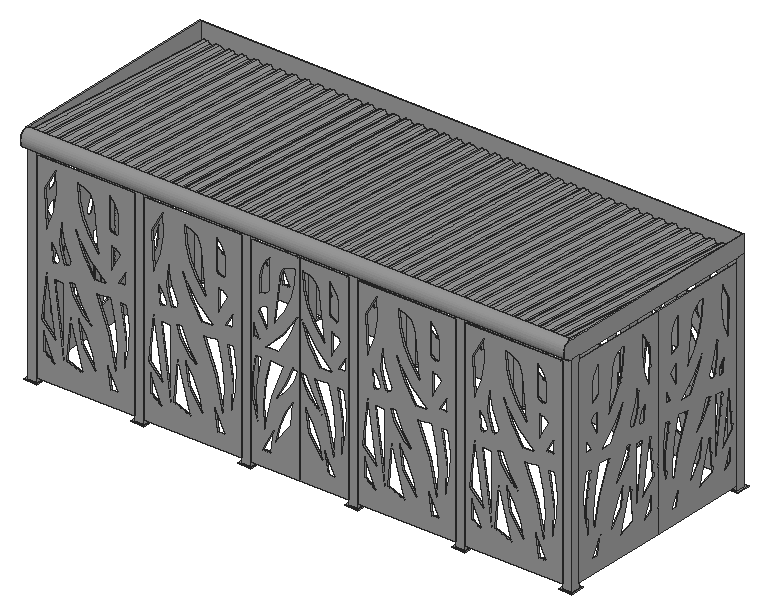
Revit family "15678 Контейнерная площадка «Панель» Хоббика", category Антураж, Revit 2018 (continued)
Automatic sketch dimensions
  plane 1 "По центру (Вперед/Назад)" to Extrusion 1 sketch curve = 0 mm  (x6)
  Extrusion 1 sketch curve to plane 4 = 0 mm  (x6)
  Extrusion 1 sketch curve to plane 5 = 0 mm  (x2)
  plane 3 "По центру (Влево/Вправо)" to Extrusion 1 sketch curve = 100 mm  (x2)
  Extrusion 1 sketch curve to Extrusion 1 sketch curve = 1080 mm  (x8)
  Extrusion 1 sketch curve to plane 4 = 100 mm  (x5)
  Extrusion 1 sketch curve to Extrusion 1 sketch curve = 100 mm  (x14)
  Extrusion 1 sketch curve to plane 1 "По центру (Вперед/Назад)" = 100 mm  (x2)
  Extrusion 1 sketch curve to plane 5 = 100 mm
  Extrusion 2 sketch curve to plane 1 "По центру (Вперед/Назад)" = 0 mm
  Extrusion 2 sketch curve to plane 4 = 0 mm
  Extrusion 2 sketch curve to plane 6 = 0 mm
  Extrusion 2 sketch curve to plane 6 = 100 mm
  Extrusion 3 sketch curve to plane 1 "По центру (Вперед/Назад)" = 0 mm
  Extrusion 3 sketch curve to plane 4 = 0 mm
  Extrusion 3 sketch curve to plane 6 = 0 mm
  Extrusion 3 sketch curve to plane 6 = 100 mm
  Extrusion 4 sketch curve to Extrusion 4 sketch curve = 0 mm  (x2)
  Extrusion 4 sketch curve to plane 1 "По центру (Вперед/Назад)" = 0 mm
  Extrusion 4 sketch curve to plane 6 = 0 mm  (x2)
  Extrusion 4 sketch curve to plane 4 = 0 mm
  Extrusion 4 sketch curve to plane 4 = 10 mm
  Extrusion 4 sketch curve to plane 6 = 10 mm
  Extrusion 4 sketch curve to Extrusion 4 sketch curve = 90 mm
  Extrusion 4 sketch curve to Extrusion 4 sketch curve = 200 mm
  plane 3 "По центру (Влево/Вправо)" to Extrusion 5 sketch curve = 10 mm
  Extrusion 5 sketch curve to Extrusion 5 sketch curve = 9.172 mm
  Extrusion 5 sketch curve to Extrusion 5 sketch curve = 0.828 mm  (x172)
  Extrusion 5 sketch curve to Extrusion 5 sketch curve = 24.749 mm  (x85)
  Extrusion 5 sketch curve to Extrusion 5 sketch curve = 45 mm  (x43)
  Extrusion 5 sketch curve to Extrusion 5 sketch curve = 43.343 mm  (x31)
  Extrusion 5 sketch curve to Extrusion 5 sketch curve = 43.846 mm  (x11)
  Extrusion 5 sketch curve to plane 5 = 21.081 mm
  Extrusion 5 sketch curve to plane 5 = 10 mm
  Extrusion 5 sketch curve to Extrusion 5 sketch curve = 0 mm  (x43)
  Extrusion 5 sketch curve to Extrusion 5 sketch curve = 2 mm  (x87)
  Extrusion 5 sketch curve to Extrusion 5 sketch curve = 22.749 mm  (x43)
  Extrusion 6 sketch curve to plane 3 "По центру (Влево/Вправо)" = 25 mm  (x2)
  plane 3 "По центру (Влево/Вправо)" to Extrusion 6 sketch curve = 125 mm  (x2)
  plane 1 "По центру (Вперед/Назад)" to Extrusion 6 sketch curve = 25 mm  (x6)
  Extrusion 6 sketch curve to Extrusion 6 sketch curve = 1030 mm  (x8)
  Extrusion 6 sketch curve to plane 4 = 125 mm  (x6)
  Extrusion 6 sketch curve to Extrusion 6 sketch curve = 150 mm  (x8)
  Extrusion 6 sketch curve to plane 1 "По центру (Вперед/Назад)" = 125 mm  (x6)
  plane 4 to Extrusion 6 sketch curve = 25 mm  (x6)
  Extrusion 6 sketch curve to plane 5 = 125 mm  (x2)
  plane 5 to Extrusion 6 sketch curve = 25 mm  (x2)
  Extrusion 7 sketch curve to plane 3 "По центру (Влево/Вправо)" = 0 mm  (x2)
  plane 1 "По центру (Вперед/Назад)" to Extrusion 7 sketch curve = 0 mm  (x6)
  Extrusion 7 sketch curve to plane 4 = 0 mm  (x5)
  Extrusion 7 sketch curve to plane 5 = 0 mm  (x2)
  plane 3 "По центру (Влево/Вправо)" to Extrusion 7 sketch curve = 10 mm
  Extrusion 7 sketch curve to Extrusion 7 sketch curve = 0 mm
  Extrusion 7 sketch curve to plane 1 "По центру (Вперед/Назад)" = 10 mm  (x6)
  plane 3 "По центру (Влево/Вправо)" to Extrusion 7 sketch curve = 100 mm  (x2)
  Extrusion 7 sketch curve to plane 4 = 10 mm  (x5)
  Extrusion 7 sketch curve to Extrusion 7 sketch curve = 1080 mm  (x7)
  Extrusion 7 sketch curve to Extrusion 7 sketch curve = 100 mm  (x8)
  Extrusion 7 sketch curve to Extrusion 7 sketch curve = 537.5 mm  (x2)
  Extrusion 7 sketch curve to Extrusion 7 sketch curve = 5 mm  (x3)
  Extrusion 7 sketch curve to plane 5 = 100 mm  (x2)
  Extrusion 7 sketch curve to Extrusion 7 sketch curve = 10 mm
  Extrusion 7 sketch curve to plane 5 = 10 mm
  Extrusion 7 sketch curve to plane 1 "По центру (Вперед/Назад)" = 100 mm  (x2)
  Extrusion 7 sketch curve to Extrusion 7 sketch curve = 1087.5 mm  (x2)
  Extrusion 7 sketch curve to plane 4 = 100 mm  (x2)
  plane 1 "По центру (Вперед/Назад)" to Extrusion 8 sketch curve = 756.382 mm
  Extrusion 8 sketch curve to Extrusion 8 sketch curve = 197.659 mm
  Extrusion 8 sketch curve to plane 6 = 180.7 mm  (x2)
  Extrusion 8 sketch curve to Extrusion 8 sketch curve = 90.918 mm  (x2)
  plane 1 "По центру (Вперед/Назад)" to Extrusion 8 sketch curve = 137.284 mm
  plane 1 "По центру (Вперед/Назад)" to Extrusion 8 sketch curve = 32.455 mm
  Extrusion 8 sketch curve to plane 1 "По центру (Вперед/Назад)" = 194.68 mm
  Extrusion 8 sketch curve to Extrusion 8 sketch curve = 3.041 mm
  Extrusion 8 sketch curve to Extrusion 8 sketch curve = 5.013 mm  (x2)
  Extrusion 8 sketch curve to Extrusion 8 sketch curve = 65 mm  (x2)
  Extrusion 8 sketch curve to Extrusion 8 sketch curve = 57.442 mm  (x2)
  Extrusion 8 sketch curve to plane 1 "По центру (Вперед/Назад)" = 277.286 mm
  Extrusion 8 sketch curve to Extrusion 8 sketch curve = 75 mm  (x2)
  Extrusion 8 sketch curve to plane 1 "По центру (Вперед/Назад)" = 278.678 mm
  Extrusion 8 sketch curve to Extrusion 8 sketch curve = 7.168 mm  (x2)
  Extrusion 8 sketch curve to Extrusion 8 sketch curve = 58.833 mm
  Extrusion 8 sketch curve to Extrusion 8 sketch curve = 97.451 mm  (x2)
  Extrusion 8 sketch curve to Extrusion 8 sketch curve = 0.049 mm  (x2)
  Extrusion 8 sketch curve to Extrusion 8 sketch curve = 85 mm  (x2)
  Extrusion 8 sketch curve to Extrusion 8 sketch curve = 9.789 mm  (x2)
  Extrusion 8 sketch curve to Extrusion 8 sketch curve = 111.994 mm  (x2)
  Extrusion 8 sketch curve to Extrusion 8 sketch curve = 104.225 mm  (x2)
  Extrusion 8 sketch curve to Extrusion 8 sketch curve = 25.105 mm  (x2)
  Extrusion 8 sketch curve to Extrusion 8 sketch curve = 37.063 mm  (x2)
  Extrusion 8 sketch curve to Extrusion 8 sketch curve = 127.893 mm  (x2)
  Extrusion 8 sketch curve to Extrusion 8 sketch curve = 148.627 mm  (x2)
  Extrusion 8 sketch curve to Extrusion 8 sketch curve = 129.506 mm  (x2)
  Extrusion 8 sketch curve to Extrusion 8 sketch curve = 152.266 mm
  Extrusion 8 sketch curve to Extrusion 8 sketch curve = 26.66 mm  (x2)
  Extrusion 8 sketch curve to Extrusion 8 sketch curve = 15.155 mm
  Extrusion 8 sketch curve to Extrusion 8 sketch curve = 31.165 mm  (x2)
  level to Extrusion 8 sketch curve = 257.064 mm  (x2)
  Extrusion 8 sketch curve to Extrusion 8 sketch curve = 132.577 mm  (x2)
  Extrusion 8 sketch curve to Extrusion 8 sketch curve = 159.481 mm  (x2)
  Extrusion 8 sketch curve to Extrusion 8 sketch curve = 29.858 mm  (x2)
  Extrusion 8 sketch curve to Extrusion 8 sketch curve = 151.652 mm  (x2)
  Extrusion 8 sketch curve to Extrusion 8 sketch curve = 215.625 mm  (x2)
  Extrusion 8 sketch curve to Extrusion 8 sketch curve = 92.828 mm  (x2)
  Extrusion 8 sketch curve to Extrusion 8 sketch curve = 58.012 mm  (x2)
  level to Extrusion 8 sketch curve = 325.468 mm
  Extrusion 8 sketch curve to Extrusion 8 sketch curve = 187.939 mm  (x2)
  Extrusion 8 sketch curve to Extrusion 8 sketch curve = 32.329 mm  (x2)
  Extrusion 8 sketch curve to Extrusion 8 sketch curve = 67.402 mm  (x2)
  Extrusion 8 sketch curve to Extrusion 8 sketch curve = 223.467 mm
  Extrusion 8 sketch curve to Extrusion 8 sketch curve = 118.332 mm  (x2)
  level to Extrusion 8 sketch curve = 485.286 mm
  Extrusion 8 sketch curve to Extrusion 8 sketch curve = 84.03 mm  (x2)
  Extrusion 8 sketch curve to plane 6 = 349.307 mm
  Extrusion 8 sketch curve to Extrusion 8 sketch curve = 18.421 mm
  Extrusion 8 sketch curve to Extrusion 8 sketch curve = 100 mm  (x2)
  level to Extrusion 8 sketch curve = 245.985 mm  (x2)
  Extrusion 8 sketch curve to Extrusion 8 sketch curve = 100.436 mm  (x2)
  Extrusion 8 sketch curve to Extrusion 8 sketch curve = 40 mm  (x2)
  Extrusion 8 sketch curve to Extrusion 8 sketch curve = 10 mm  (x2)
  Extrusion 8 sketch curve to Extrusion 8 sketch curve = 38.786 mm
  Extrusion 8 sketch curve to plane 6 = 956.605 mm
  Extrusion 8 sketch curve to Extrusion 8 sketch curve = 51.443 mm  (x2)
  Extrusion 8 sketch curve to Extrusion 8 sketch curve = 89.419 mm  (x2)
  Extrusion 8 sketch curve to Extrusion 8 sketch curve = 33.592 mm
  Extrusion 8 sketch curve to Extrusion 8 sketch curve = 114.681 mm
  Extrusion 8 sketch curve to Extrusion 8 sketch curve = 24.476 mm  (x2)
  Extrusion 8 sketch curve to Extrusion 8 sketch curve = 146.091 mm
  Extrusion 8 sketch curve to Extrusion 8 sketch curve = 143.449 mm
  Extrusion 8 sketch curve to Extrusion 8 sketch curve = 129.83 mm
  Extrusion 8 sketch curve to Extrusion 8 sketch curve = 132.87 mm
  Extrusion 8 sketch curve to Extrusion 8 sketch curve = 17.109 mm
  Extrusion 8 sketch curve to Extrusion 8 sketch curve = 268.06 mm
  level to Extrusion 8 sketch curve = 434.166 mm
  Extrusion 8 sketch curve to Extrusion 8 sketch curve = 152.286 mm
  level to Extrusion 8 sketch curve = 330.775 mm
  Extrusion 8 sketch curve to Extrusion 8 sketch curve = 167.421 mm
  Extrusion 8 sketch curve to Extrusion 8 sketch curve = 33.405 mm
  Extrusion 8 sketch curve to Extrusion 8 sketch curve = 14.915 mm  (x2)
  Extrusion 8 sketch curve to Extrusion 8 sketch curve = 156.102 mm
  Extrusion 8 sketch curve to Extrusion 8 sketch curve = 85.786 mm
  Extrusion 8 sketch curve to plane 4 = 193.863 mm
  Extrusion 8 sketch curve to Extrusion 8 sketch curve = 131.087 mm
  Extrusion 8 sketch curve to plane 4 = 130.15 mm
  Extrusion 8 sketch curve to plane 4 = 16.458 mm
  level to Extrusion 8 sketch curve = 148.728 mm  (x2)
  plane 4 to Extrusion 8 sketch curve = 320.964 mm
  level to Extrusion 8 sketch curve = 13.194 mm  (x2)
  Extrusion 8 sketch curve to Extrusion 8 sketch curve = 140.095 mm
  plane 4 to Extrusion 8 sketch curve = 557.991 mm
  plane 4 to Extrusion 8 sketch curve = 692.851 mm
  Extrusion 8 sketch curve to Extrusion 8 sketch curve = 1092.5 mm
  level to Extrusion 8 sketch curve = 204.6 mm  (x2)
  Extrusion 8 sketch curve to Extrusion 8 sketch curve = 74.841 mm
  Extrusion 8 sketch curve to Extrusion 8 sketch curve = 4.642 mm  (x2)
  Extrusion 8 sketch curve to Extrusion 8 sketch curve = 80.301 mm  (x2)
  Extrusion 8 sketch curve to Extrusion 8 sketch curve = 73.71 mm
  Extrusion 8 sketch curve to Extrusion 8 sketch curve = 103.392 mm
  Extrusion 8 sketch curve to Extrusion 8 sketch curve = 164.46 mm
  Extrusion 8 sketch curve to Extrusion 8 sketch curve = 44.545 mm  (x2)
  Extrusion 8 sketch curve to Extrusion 8 sketch curve = 243.174 mm  (x2)
  Extrusion 8 sketch curve to Extrusion 8 sketch curve = 88.913 mm
  Extrusion 8 sketch curve to Extrusion 8 sketch curve = 482.598 mm
  Extrusion 8 sketch curve to Extrusion 8 sketch curve = 111.018 mm  (x2)
  Extrusion 8 sketch curve to Extrusion 8 sketch curve = 50.672 mm  (x2)
  Extrusion 8 sketch curve to Extrusion 8 sketch curve = 21.793 mm  (x2)
  Extrusion 8 sketch curve to Extrusion 8 sketch curve = 185.547 mm  (x2)
  Extrusion 8 sketch curve to Extrusion 8 sketch curve = 317.033 mm  (x2)
  Extrusion 8 sketch curve to Extrusion 8 sketch curve = 18.343 mm  (x2)
  Extrusion 8 sketch curve to Extrusion 8 sketch curve = 25.998 mm  (x2)
  Extrusion 8 sketch curve to Extrusion 8 sketch curve = 9.835 mm
  Extrusion 8 sketch curve to Extrusion 8 sketch curve = 282.608 mm
  Extrusion 8 sketch curve to Extrusion 8 sketch curve = 8.924 mm  (x2)
  Extrusion 8 sketch curve to Extrusion 8 sketch curve = 37.394 mm  (x2)
  Extrusion 8 sketch curve to Extrusion 8 sketch curve = 15.544 mm  (x2)
  Extrusion 8 sketch curve to Extrusion 8 sketch curve = 110.095 mm
  Extrusion 8 sketch curve to Extrusion 8 sketch curve = 128.853 mm
  Extrusion 8 sketch curve to Extrusion 8 sketch curve = 130.787 mm  (x2)
  Extrusion 8 sketch curve to Extrusion 8 sketch curve = 26.611 mm  (x2)
  Extrusion 8 sketch curve to Extrusion 8 sketch curve = 41.026 mm
  Extrusion 8 sketch curve to Extrusion 8 sketch curve = 181.028 mm
  Extrusion 8 sketch curve to Extrusion 8 sketch curve = 1.128 mm  (x2)
  Extrusion 8 sketch curve to Extrusion 8 sketch curve = 33.837 mm  (x2)
  Extrusion 8 sketch curve to Extrusion 8 sketch curve = 101.439 mm  (x2)
  Extrusion 8 sketch curve to Extrusion 8 sketch curve = 129.904 mm  (x2)
  Extrusion 8 sketch curve to Extrusion 8 sketch curve = 108.191 mm  (x2)
  Extrusion 8 sketch curve to Extrusion 8 sketch curve = 108.703 mm  (x2)
  Extrusion 8 sketch curve to Extrusion 8 sketch curve = 15.554 mm  (x2)
  Extrusion 8 sketch curve to Extrusion 8 sketch curve = 111.893 mm
  Extrusion 8 sketch curve to Extrusion 8 sketch curve = 60.172 mm  (x2)
  Extrusion 8 sketch curve to Extrusion 8 sketch curve = 647.444 mm
  Extrusion 8 sketch curve to Extrusion 8 sketch curve = 39.256 mm
  Extrusion 8 sketch curve to Extrusion 8 sketch curve = 111.643 mm
  Extrusion 8 sketch curve to Extrusion 8 sketch curve = 72.387 mm
  Extrusion 8 sketch curve to Extrusion 8 sketch curve = 8.102 mm
  Extrusion 8 sketch curve to Extrusion 8 sketch curve = 208.95 mm
  Extrusion 8 sketch curve to Extrusion 8 sketch curve = 48.601 mm  (x2)
  Extrusion 8 sketch curve to Extrusion 8 sketch curve = 29.316 mm
  Extrusion 8 sketch curve to Extrusion 8 sketch curve = 101.399 mm
  Extrusion 8 sketch curve to Extrusion 8 sketch curve = 43.268 mm  (x2)
  Extrusion 8 sketch curve to Extrusion 8 sketch curve = 60.338 mm  (x2)
  Extrusion 8 sketch curve to Extrusion 8 sketch curve = 190.502 mm
  Extrusion 8 sketch curve to Extrusion 8 sketch curve = 88.47 mm
  Extrusion 8 sketch curve to Extrusion 8 sketch curve = 293.319 mm
  Extrusion 8 sketch curve to Extrusion 8 sketch curve = 44.777 mm  (x2)
  Extrusion 8 sketch curve to Extrusion 8 sketch curve = 0 mm  (x2)
  Extrusion 8 sketch curve to Extrusion 8 sketch curve = 22.398 mm  (x2)
  plane 5 to Extrusion 9 sketch curve = 762.674 mm
  Extrusion 9 sketch curve to Extrusion 9 sketch curve = 197.659 mm  (x2)
  Extrusion 9 sketch curve to plane 6 = 168.017 mm  (x4)
  Extrusion 9 sketch curve to Extrusion 9 sketch curve = 90.918 mm  (x4)
  plane 5 to Extrusion 9 sketch curve = 143.576 mm
  plane 5 to Extrusion 9 sketch curve = 38.746 mm
  Extrusion 9 sketch curve to plane 5 = 188.388 mm
  Extrusion 9 sketch curve to Extrusion 9 sketch curve = 3.041 mm  (x4)
  Extrusion 9 sketch curve to Extrusion 9 sketch curve = 5.013 mm  (x4)
  Extrusion 9 sketch curve to Extrusion 9 sketch curve = 65 mm  (x4)
  Extrusion 9 sketch curve to Extrusion 9 sketch curve = 57.442 mm  (x4)
  Extrusion 9 sketch curve to plane 5 = 270.994 mm
  Extrusion 9 sketch curve to Extrusion 9 sketch curve = 75 mm  (x4)
  Extrusion 9 sketch curve to plane 5 = 272.386 mm
  Extrusion 9 sketch curve to Extrusion 9 sketch curve = 7.168 mm  (x4)
  Extrusion 9 sketch curve to Extrusion 9 sketch curve = 97.451 mm  (x4)
  Extrusion 9 sketch curve to Extrusion 9 sketch curve = 0.049 mm  (x3)
  Extrusion 9 sketch curve to Extrusion 9 sketch curve = 85 mm  (x4)
  Extrusion 9 sketch curve to Extrusion 9 sketch curve = 9.789 mm  (x4)
  Extrusion 9 sketch curve to Extrusion 9 sketch curve = 111.994 mm  (x4)
  Extrusion 9 sketch curve to Extrusion 9 sketch curve = 104.225 mm  (x4)
  Extrusion 9 sketch curve to Extrusion 9 sketch curve = 25.105 mm  (x4)
  Extrusion 9 sketch curve to Extrusion 9 sketch curve = 37.063 mm  (x4)
  Extrusion 9 sketch curve to Extrusion 9 sketch curve = 65.942 mm  (x2)
  Extrusion 9 sketch curve to Extrusion 9 sketch curve = 127.893 mm  (x4)
  Extrusion 9 sketch curve to Extrusion 9 sketch curve = 148.627 mm  (x4)
  Extrusion 9 sketch curve to Extrusion 9 sketch curve = 129.506 mm  (x4)
  Extrusion 9 sketch curve to Extrusion 9 sketch curve = 26.66 mm  (x4)
  Extrusion 9 sketch curve to Extrusion 9 sketch curve = 167.421 mm  (x4)
  Extrusion 9 sketch curve to Extrusion 9 sketch curve = 31.165 mm  (x4)
  Extrusion 9 sketch curve to Extrusion 9 sketch curve = 72.345 mm  (x2)
  level to Extrusion 9 sketch curve = 269.747 mm  (x4)
  Extrusion 9 sketch curve to Extrusion 9 sketch curve = 132.577 mm  (x4)
  Extrusion 9 sketch curve to Extrusion 9 sketch curve = 159.481 mm  (x2)
  Extrusion 9 sketch curve to Extrusion 9 sketch curve = 29.858 mm  (x2)
  Extrusion 9 sketch curve to Extrusion 9 sketch curve = 110.472 mm  (x2)
  Extrusion 9 sketch curve to Extrusion 9 sketch curve = 215.625 mm  (x4)
  Extrusion 9 sketch curve to Extrusion 9 sketch curve = 92.828 mm  (x4)
  Extrusion 9 sketch curve to Extrusion 9 sketch curve = 58.012 mm  (x4)
  level to Extrusion 9 sketch curve = 338.151 mm  (x3)
  Extrusion 9 sketch curve to Extrusion 9 sketch curve = 187.939 mm  (x4)
  Extrusion 9 sketch curve to Extrusion 9 sketch curve = 32.329 mm  (x4)
  Extrusion 9 sketch curve to Extrusion 9 sketch curve = 67.402 mm  (x3)
  Extrusion 9 sketch curve to Extrusion 9 sketch curve = 118.332 mm  (x4)
  Extrusion 9 sketch curve to Extrusion 9 sketch curve = 84.03 mm  (x4)
  Extrusion 9 sketch curve to plane 6 = 336.624 mm  (x3)
  Extrusion 9 sketch curve to Extrusion 9 sketch curve = 241.888 mm  (x2)
  Extrusion 9 sketch curve to Extrusion 9 sketch curve = 100 mm  (x4)
  level to Extrusion 9 sketch curve = 258.668 mm  (x4)
  Extrusion 9 sketch curve to Extrusion 9 sketch curve = 100.436 mm  (x4)
  Extrusion 9 sketch curve to Extrusion 9 sketch curve = 40 mm  (x4)
  Extrusion 9 sketch curve to Extrusion 9 sketch curve = 10 mm  (x4)
  Extrusion 9 sketch curve to Extrusion 9 sketch curve = 69.079 mm  (x2)
  Extrusion 9 sketch curve to plane 6 = 943.922 mm  (x3)
  Extrusion 9 sketch curve to Extrusion 9 sketch curve = 51.443 mm  (x4)
  Extrusion 9 sketch curve to Extrusion 9 sketch curve = 89.419 mm  (x4)
  Extrusion 9 sketch curve to Extrusion 9 sketch curve = 50.921 mm  (x2)
  Extrusion 9 sketch curve to Extrusion 9 sketch curve = 114.681 mm  (x3)
  Extrusion 9 sketch curve to Extrusion 9 sketch curve = 24.476 mm  (x4)
  Extrusion 9 sketch curve to Extrusion 9 sketch curve = 53.908 mm  (x2)
  Extrusion 9 sketch curve to Extrusion 9 sketch curve = 146.091 mm  (x3)
  Extrusion 9 sketch curve to Extrusion 9 sketch curve = 143.449 mm  (x3)
  Extrusion 9 sketch curve to Extrusion 9 sketch curve = 217.33 mm  (x2)
  Extrusion 9 sketch curve to Extrusion 9 sketch curve = 17.109 mm  (x3)
  Extrusion 9 sketch curve to Extrusion 9 sketch curve = 355.56 mm  (x2)
  Extrusion 9 sketch curve to Extrusion 9 sketch curve = 97.5 mm
  level to Extrusion 9 sketch curve = 217.283 mm  (x4)
  level to Extrusion 9 sketch curve = 446.849 mm  (x2)
  Extrusion 9 sketch curve to Extrusion 9 sketch curve = 64.786 mm  (x2)
  Extrusion 9 sketch curve to plane 6 = 986.526 mm  (x2)
  level to Extrusion 9 sketch curve = 1111.853 mm  (x2)
  level to Extrusion 9 sketch curve = 343.457 mm  (x3)
  Extrusion 9 sketch curve to plane 6 = 549.806 mm  (x2)
  Extrusion 9 sketch curve to Extrusion 9 sketch curve = 264.75 mm  (x2)
  Extrusion 9 sketch curve to Extrusion 9 sketch curve = 14.915 mm  (x4)
  level to Extrusion 9 sketch curve = 555.096 mm  (x2)
  Extrusion 9 sketch curve to Extrusion 9 sketch curve = 9.321 mm  (x2)
  level to Extrusion 9 sketch curve = 798.27 mm  (x2)
  Extrusion 9 sketch curve to Extrusion 9 sketch curve = 54.095 mm  (x2)
  Extrusion 9 sketch curve to Extrusion 9 sketch curve = 151.652 mm  (x2)
  Extrusion 9 sketch curve to Extrusion 9 sketch curve = 68.602 mm  (x2)
  level to Extrusion 9 sketch curve = 776.477 mm  (x2)
  level to Extrusion 9 sketch curve = 1119.507 mm  (x2)
  Extrusion 9 sketch curve to Extrusion 9 sketch curve = 37.239 mm
  level to Extrusion 9 sketch curve = 497.969 mm  (x2)
  Extrusion 9 sketch curve to Extrusion 9 sketch curve = 173.286 mm  (x2)
  Extrusion 9 sketch curve to plane 6 = 1055.815 mm  (x2)
  Extrusion 9 sketch curve to plane 6 = 544.47 mm  (x2)
  Extrusion 9 sketch curve to Extrusion 9 sketch curve = 120 mm
  level to Extrusion 9 sketch curve = 542.514 mm
  Extrusion 9 sketch curve to Extrusion 9 sketch curve = 131.087 mm
  level to Extrusion 9 sketch curve = 653.533 mm  (x2)
  Extrusion 9 sketch curve to Extrusion 9 sketch curve = 530.916 mm
  level to Extrusion 9 sketch curve = 161.411 mm
  level to Extrusion 9 sketch curve = 25.877 mm  (x4)
  Extrusion 9 sketch curve to Extrusion 9 sketch curve = 52.595 mm  (x2)
  Extrusion 9 sketch curve to Extrusion 9 sketch curve = 237.027 mm
  Extrusion 9 sketch curve to Extrusion 9 sketch curve = 179.074 mm
  Extrusion 9 sketch curve to Extrusion 9 sketch curve = 242.365 mm
  Extrusion 9 sketch curve to Extrusion 9 sketch curve = 104.829 mm
  Extrusion 9 sketch curve to Extrusion 9 sketch curve = 227.135 mm
  Extrusion 9 sketch curve to plane 6 = 1066.252 mm
  Extrusion 9 sketch curve to plane 6 = 925.842 mm
  Extrusion 9 sketch curve to Extrusion 9 sketch curve = 778.272 mm
  level to Extrusion 9 sketch curve = 1130.612 mm
  Extrusion 9 sketch curve to Extrusion 9 sketch curve = 117.381 mm
  plane 3 "По центру (Влево/Вправо)" to Extrusion 9 sketch curve = 192.655 mm
  plane 3 "По центру (Влево/Вправо)" to Extrusion 9 sketch curve = 128.942 mm
  plane 3 "По центру (Влево/Вправо)" to Extrusion 9 sketch curve = 15.249 mm
  Extrusion 9 sketch curve to plane 3 "По центру (Влево/Вправо)" = 322.172 mm
  Extrusion 9 sketch curve to plane 3 "По центру (Влево/Вправо)" = 559.199 mm
  Extrusion 9 sketch curve to plane 3 "По центру (Влево/Вправо)" = 694.06 mm
  Extrusion 9 sketch curve to Extrusion 9 sketch curve = 980.652 mm
  Extrusion 9 sketch curve to Extrusion 9 sketch curve = 55.872 mm
  Extrusion 9 sketch curve to Extrusion 9 sketch curve = 135.534 mm
  Extrusion 9 sketch curve to Extrusion 9 sketch curve = 4.642 mm  (x4)
  Extrusion 9 sketch curve to Extrusion 9 sketch curve = 74.841 mm
  Extrusion 9 sketch curve to Extrusion 9 sketch curve = 80.301 mm  (x4)
  Extrusion 9 sketch curve to Extrusion 9 sketch curve = 73.71 mm
  Extrusion 9 sketch curve to Extrusion 9 sketch curve = 103.392 mm  (x2)
  Extrusion 9 sketch curve to Extrusion 9 sketch curve = 164.46 mm  (x2)
  Extrusion 9 sketch curve to Extrusion 9 sketch curve = 44.545 mm  (x2)
  Extrusion 9 sketch curve to Extrusion 9 sketch curve = 111.018 mm  (x3)
  Extrusion 9 sketch curve to Extrusion 9 sketch curve = 243.174 mm  (x2)
  Extrusion 9 sketch curve to Extrusion 9 sketch curve = 88.913 mm  (x2)
  Extrusion 9 sketch curve to Extrusion 9 sketch curve = 482.598 mm  (x2)
  Extrusion 9 sketch curve to Extrusion 9 sketch curve = 50.672 mm  (x4)
  Extrusion 9 sketch curve to Extrusion 9 sketch curve = 21.793 mm  (x2)
  Extrusion 9 sketch curve to Extrusion 9 sketch curve = 185.547 mm  (x4)
  Extrusion 9 sketch curve to Extrusion 9 sketch curve = 317.033 mm  (x2)
  Extrusion 9 sketch curve to Extrusion 9 sketch curve = 25.998 mm  (x4)
  Extrusion 9 sketch curve to Extrusion 9 sketch curve = 18.343 mm  (x2)
  Extrusion 9 sketch curve to Extrusion 9 sketch curve = 282.608 mm  (x2)
  Extrusion 9 sketch curve to Extrusion 9 sketch curve = 9.835 mm
  Extrusion 9 sketch curve to Extrusion 9 sketch curve = 8.924 mm  (x4)
  Extrusion 9 sketch curve to Extrusion 9 sketch curve = 37.394 mm  (x4)
  Extrusion 9 sketch curve to Extrusion 9 sketch curve = 15.544 mm  (x4)
  Extrusion 9 sketch curve to Extrusion 9 sketch curve = 128.853 mm  (x2)
  Extrusion 9 sketch curve to Extrusion 9 sketch curve = 110.095 mm  (x2)
  Extrusion 9 sketch curve to Extrusion 9 sketch curve = 130.787 mm  (x4)
  Extrusion 9 sketch curve to Extrusion 9 sketch curve = 26.611 mm  (x2)
  Extrusion 9 sketch curve to Extrusion 9 sketch curve = 181.028 mm  (x3)
  Extrusion 9 sketch curve to Extrusion 9 sketch curve = 131.032 mm
  Extrusion 9 sketch curve to Extrusion 9 sketch curve = 1.128 mm  (x4)
  Extrusion 9 sketch curve to Extrusion 9 sketch curve = 33.837 mm  (x4)
  Extrusion 9 sketch curve to Extrusion 9 sketch curve = 101.439 mm  (x4)
  Extrusion 9 sketch curve to Extrusion 9 sketch curve = 129.904 mm  (x3)
  Extrusion 9 sketch curve to Extrusion 9 sketch curve = 108.191 mm  (x2)
  Extrusion 9 sketch curve to Extrusion 9 sketch curve = 108.703 mm  (x4)
  Extrusion 9 sketch curve to Extrusion 9 sketch curve = 15.554 mm  (x4)
  Extrusion 9 sketch curve to Extrusion 9 sketch curve = 111.893 mm
  Extrusion 9 sketch curve to Extrusion 9 sketch curve = 60.172 mm  (x3)
  Extrusion 9 sketch curve to Extrusion 9 sketch curve = 331.328 mm
  Extrusion 9 sketch curve to Extrusion 9 sketch curve = 39.256 mm  (x2)
  Extrusion 9 sketch curve to Extrusion 9 sketch curve = 647.444 mm
  Extrusion 9 sketch curve to Extrusion 9 sketch curve = 111.643 mm  (x4)
  Extrusion 9 sketch curve to Extrusion 9 sketch curve = 190.502 mm
  Extrusion 9 sketch curve to Extrusion 9 sketch curve = 8.102 mm  (x2)
  Extrusion 9 sketch curve to Extrusion 9 sketch curve = 208.95 mm
  Extrusion 9 sketch curve to Extrusion 9 sketch curve = 48.601 mm  (x4)
  Extrusion 9 sketch curve to Extrusion 9 sketch curve = 101.399 mm
  Extrusion 9 sketch curve to Extrusion 9 sketch curve = 29.316 mm
  Extrusion 9 sketch curve to Extrusion 9 sketch curve = 43.268 mm  (x3)
  Extrusion 9 sketch curve to Extrusion 9 sketch curve = 65.673 mm
  Extrusion 9 sketch curve to Extrusion 9 sketch curve = 154.252 mm
  Extrusion 9 sketch curve to Extrusion 9 sketch curve = 60.338 mm  (x2)
  Extrusion 9 sketch curve to Extrusion 9 sketch curve = 88.47 mm  (x2)
  Extrusion 9 sketch curve to Extrusion 9 sketch curve = 22.797 mm
  Extrusion 9 sketch curve to Extrusion 9 sketch curve = 293.319 mm
  Extrusion 9 sketch curve to Extrusion 9 sketch curve = 44.777 mm  (x4)
  Extrusion 9 sketch curve to Extrusion 9 sketch curve = 0 mm  (x4)
  Extrusion 9 sketch curve to Extrusion 9 sketch curve = 22.398 mm  (x4)
  Extrusion 10 sketch curve to plane 5 = 1597.326 mm
  Extrusion 10 sketch curve to Extrusion 10 sketch curve = 197.659 mm
  Extrusion 10 sketch curve to plane 6 = 168.017 mm
  Extrusion 10 sketch curve to Extrusion 10 sketch curve = 90.918 mm
  Extrusion 10 sketch curve to Extrusion 10 sketch curve = 330.521 mm
  Extrusion 10 sketch curve to Extrusion 10 sketch curve = 104.829 mm
  Extrusion 10 sketch curve to Extrusion 10 sketch curve = 227.135 mm
  Extrusion 10 sketch curve to Extrusion 10 sketch curve = 3.041 mm
  Extrusion 10 sketch curve to Extrusion 10 sketch curve = 5.013 mm
  Extrusion 10 sketch curve to Extrusion 10 sketch curve = 65 mm
  Extrusion 10 sketch curve to plane 6 = 925.842 mm
  Extrusion 10 sketch curve to Extrusion 10 sketch curve = 57.442 mm
  Extrusion 10 sketch curve to Extrusion 10 sketch curve = 17.109 mm
  Extrusion 10 sketch curve to Extrusion 10 sketch curve = 75 mm
  level to Extrusion 10 sketch curve = 217.283 mm
  Extrusion 10 sketch curve to Extrusion 10 sketch curve = 18.998 mm
  Extrusion 10 sketch curve to Extrusion 10 sketch curve = 7.168 mm
  Extrusion 10 sketch curve to Extrusion 10 sketch curve = 97.451 mm
  Extrusion 10 sketch curve to Extrusion 10 sketch curve = 0.049 mm
  Extrusion 10 sketch curve to Extrusion 10 sketch curve = 85 mm
  Extrusion 10 sketch curve to Extrusion 10 sketch curve = 9.789 mm
  level to Extrusion 10 sketch curve = 1130.612 mm
  Extrusion 10 sketch curve to Extrusion 10 sketch curve = 111.994 mm
  Extrusion 10 sketch curve to Extrusion 10 sketch curve = 104.225 mm
  Extrusion 10 sketch curve to Extrusion 10 sketch curve = 25.105 mm
  level to Extrusion 10 sketch curve = 446.849 mm
  Extrusion 10 sketch curve to Extrusion 10 sketch curve = 37.063 mm
  Extrusion 10 sketch curve to plane 6 = 986.526 mm
  Extrusion 10 sketch curve to Extrusion 10 sketch curve = 127.893 mm
  level to Extrusion 10 sketch curve = 1111.853 mm
  Extrusion 10 sketch curve to Extrusion 10 sketch curve = 148.627 mm
  level to Extrusion 10 sketch curve = 343.457 mm
  Extrusion 10 sketch curve to Extrusion 10 sketch curve = 129.506 mm
  Extrusion 10 sketch curve to Extrusion 10 sketch curve = 26.66 mm
  Extrusion 10 sketch curve to plane 6 = 549.806 mm
  Extrusion 10 sketch curve to Extrusion 10 sketch curve = 167.421 mm
  Extrusion 10 sketch curve to Extrusion 10 sketch curve = 31.165 mm
  level to Extrusion 10 sketch curve = 269.747 mm
  Extrusion 10 sketch curve to Extrusion 10 sketch curve = 132.577 mm
  level to Extrusion 10 sketch curve = 555.096 mm
  Extrusion 10 sketch curve to Extrusion 10 sketch curve = 159.481 mm
  level to Extrusion 10 sketch curve = 798.27 mm
  Extrusion 10 sketch curve to Extrusion 10 sketch curve = 29.858 mm
  Extrusion 10 sketch curve to Extrusion 10 sketch curve = 151.652 mm
  level to Extrusion 10 sketch curve = 1135.052 mm
  Extrusion 10 sketch curve to Extrusion 10 sketch curve = 215.625 mm
  level to Extrusion 10 sketch curve = 776.477 mm
  Extrusion 10 sketch curve to Extrusion 10 sketch curve = 92.828 mm
  level to Extrusion 10 sketch curve = 1119.507 mm
  Extrusion 10 sketch curve to Extrusion 10 sketch curve = 58.012 mm
  level to Extrusion 10 sketch curve = 338.151 mm
  Extrusion 10 sketch curve to Extrusion 10 sketch curve = 187.939 mm
  Extrusion 10 sketch curve to Extrusion 10 sketch curve = 32.329 mm
  level to Extrusion 10 sketch curve = 333.509 mm
  Extrusion 10 sketch curve to Extrusion 10 sketch curve = 37.239 mm
  Extrusion 10 sketch curve to Extrusion 10 sketch curve = 118.332 mm
  level to Extrusion 10 sketch curve = 497.969 mm
  Extrusion 10 sketch curve to Extrusion 10 sketch curve = 84.03 mm
  Extrusion 10 sketch curve to plane 6 = 336.624 mm
  Extrusion 10 sketch curve to Extrusion 10 sketch curve = 241.888 mm
  Extrusion 10 sketch curve to Extrusion 10 sketch curve = 100 mm
  level to Extrusion 10 sketch curve = 258.668 mm
  Extrusion 10 sketch curve to Extrusion 10 sketch curve = 100.436 mm
  Extrusion 10 sketch curve to plane 6 = 1211.699 mm
  Extrusion 10 sketch curve to Extrusion 10 sketch curve = 40 mm
  Extrusion 10 sketch curve to plane 6 = 1055.815 mm
  Extrusion 10 sketch curve to Extrusion 10 sketch curve = 10 mm
  Extrusion 10 sketch curve to plane 6 = 943.922 mm
  Extrusion 10 sketch curve to Extrusion 10 sketch curve = 51.443 mm
  level to Extrusion 10 sketch curve = 1130.903 mm
  Extrusion 10 sketch curve to Extrusion 10 sketch curve = 89.419 mm
  Extrusion 10 sketch curve to plane 6 = 544.47 mm
  Extrusion 10 sketch curve to Extrusion 10 sketch curve = 120 mm
  Extrusion 10 sketch curve to Extrusion 10 sketch curve = 114.681 mm
  level to Extrusion 10 sketch curve = 653.533 mm
  Extrusion 10 sketch curve to Extrusion 10 sketch curve = 24.476 mm
  Extrusion 10 sketch curve to Extrusion 10 sketch curve = 146.091 mm
  Extrusion 10 sketch curve to Extrusion 10 sketch curve = 143.449 mm
  level to Extrusion 10 sketch curve = 161.411 mm
  Extrusion 10 sketch curve to Extrusion 10 sketch curve = 237.027 mm
  Extrusion 10 sketch curve to Extrusion 10 sketch curve = 14.915 mm
  Extrusion 10 sketch curve to plane 6 = 484.133 mm
  level to Extrusion 10 sketch curve = 25.877 mm
  plane 3 "По центру (Влево/Вправо)" to Extrusion 10 sketch curve = 805.233 mm
  Extrusion 10 sketch curve to Extrusion 10 sketch curve = 80.301 mm
  Extrusion 10 sketch curve to Extrusion 10 sketch curve = 111.018 mm
  Extrusion 10 sketch curve to Extrusion 10 sketch curve = 482.598 mm
  Extrusion 10 sketch curve to Extrusion 10 sketch curve = 50.672 mm
  Extrusion 10 sketch curve to Extrusion 10 sketch curve = 185.547 mm
  Extrusion 10 sketch curve to Extrusion 10 sketch curve = 37.394 mm
  Extrusion 10 sketch curve to Extrusion 10 sketch curve = 8.924 mm
  Extrusion 10 sketch curve to Extrusion 10 sketch curve = 128.853 mm
  Extrusion 10 sketch curve to Extrusion 10 sketch curve = 181.028 mm
  Extrusion 10 sketch curve to Extrusion 10 sketch curve = 1.128 mm
  Extrusion 10 sketch curve to Extrusion 10 sketch curve = 33.837 mm
  Extrusion 10 sketch curve to Extrusion 10 sketch curve = 101.439 mm
  Extrusion 10 sketch curve to Extrusion 10 sketch curve = 129.904 mm
  Extrusion 10 sketch curve to Extrusion 10 sketch curve = 108.703 mm
  Extrusion 10 sketch curve to Extrusion 10 sketch curve = 15.554 mm
  Extrusion 10 sketch curve to Extrusion 10 sketch curve = 647.444 mm
  Extrusion 10 sketch curve to Extrusion 10 sketch curve = 111.643 mm
  Extrusion 10 sketch curve to Extrusion 10 sketch curve = 8.102 mm
  Extrusion 10 sketch curve to Extrusion 10 sketch curve = 48.601 mm
  Extrusion 10 sketch curve to Extrusion 10 sketch curve = 29.316 mm
  Extrusion 10 sketch curve to Extrusion 10 sketch curve = 293.319 mm
  Extrusion 10 sketch curve to Extrusion 10 sketch curve = 44.777 mm
  Extrusion 10 sketch curve to Extrusion 10 sketch curve = 0 mm
  Extrusion 10 sketch curve to Extrusion 10 sketch curve = 22.398 mm
  Extrusion 11 sketch curve to plane 6 = 815.461 mm
  plane 5 to Extrusion 11 sketch curve = 8362.674 mm
  Extrusion 11 sketch curve to Extrusion 11 sketch curve = 197.659 mm  (x2)
  Extrusion 11 sketch curve to plane 6 = 168.017 mm  (x5)
  Extrusion 11 sketch curve to Extrusion 11 sketch curve = 90.918 mm  (x5)
  Extrusion 11 sketch curve to Extrusion 11 sketch curve = 330.521 mm  (x3)
  Extrusion 11 sketch curve to Extrusion 11 sketch curve = 104.829 mm  (x2)
  Extrusion 11 sketch curve to Extrusion 11 sketch curve = 227.135 mm  (x2)
  Extrusion 11 sketch curve to Extrusion 11 sketch curve = 3.041 mm  (x3)
  Extrusion 11 sketch curve to Extrusion 11 sketch curve = 5.013 mm  (x3)
  Extrusion 11 sketch curve to Extrusion 11 sketch curve = 65 mm  (x5)
  Extrusion 11 sketch curve to plane 6 = 925.842 mm  (x5)
  Extrusion 11 sketch curve to Extrusion 11 sketch curve = 57.442 mm  (x4)
  Extrusion 11 sketch curve to Extrusion 11 sketch curve = 17.109 mm  (x4)
  Extrusion 11 sketch curve to Extrusion 11 sketch curve = 75 mm  (x5)
  level to Extrusion 11 sketch curve = 217.283 mm  (x4)
  Extrusion 11 sketch curve to Extrusion 11 sketch curve = 18.998 mm
  Extrusion 11 sketch curve to Extrusion 11 sketch curve = 7.168 mm  (x4)
  Extrusion 11 sketch curve to Extrusion 11 sketch curve = 97.451 mm  (x3)
  Extrusion 11 sketch curve to Extrusion 11 sketch curve = 0.049 mm  (x2)
  Extrusion 11 sketch curve to Extrusion 11 sketch curve = 85 mm  (x5)
  Extrusion 11 sketch curve to Extrusion 11 sketch curve = 9.789 mm  (x3)
  level to Extrusion 11 sketch curve = 1130.612 mm  (x5)
  Extrusion 11 sketch curve to Extrusion 11 sketch curve = 111.994 mm  (x3)
  Extrusion 11 sketch curve to Extrusion 11 sketch curve = 104.225 mm  (x5)
  Extrusion 11 sketch curve to Extrusion 11 sketch curve = 25.105 mm  (x3)
  level to Extrusion 11 sketch curve = 446.849 mm  (x5)
  Extrusion 11 sketch curve to Extrusion 11 sketch curve = 37.063 mm  (x4)
  Extrusion 11 sketch curve to Extrusion 11 sketch curve = 65.942 mm
  Extrusion 11 sketch curve to plane 6 = 986.526 mm  (x5)
  Extrusion 11 sketch curve to Extrusion 11 sketch curve = 127.893 mm  (x3)
  level to Extrusion 11 sketch curve = 1111.853 mm  (x5)
  Extrusion 11 sketch curve to Extrusion 11 sketch curve = 148.627 mm  (x3)
  level to Extrusion 11 sketch curve = 343.457 mm  (x5)
  Extrusion 11 sketch curve to Extrusion 11 sketch curve = 129.506 mm  (x3)
  Extrusion 11 sketch curve to Extrusion 11 sketch curve = 26.66 mm  (x3)
  Extrusion 11 sketch curve to plane 6 = 549.806 mm  (x5)
  Extrusion 11 sketch curve to Extrusion 11 sketch curve = 167.421 mm  (x3)
  Extrusion 11 sketch curve to Extrusion 11 sketch curve = 31.165 mm  (x3)
  Extrusion 11 sketch curve to Extrusion 11 sketch curve = 72.345 mm
  level to Extrusion 11 sketch curve = 269.747 mm  (x3)
  Extrusion 11 sketch curve to Extrusion 11 sketch curve = 132.577 mm  (x3)
  level to Extrusion 11 sketch curve = 555.096 mm  (x5)
  Extrusion 11 sketch curve to Extrusion 11 sketch curve = 159.481 mm  (x2)
  level to Extrusion 11 sketch curve = 798.27 mm  (x5)
  Extrusion 11 sketch curve to Extrusion 11 sketch curve = 29.858 mm  (x3)
  Extrusion 11 sketch curve to Extrusion 11 sketch curve = 110.472 mm
  level to Extrusion 11 sketch curve = 1135.052 mm  (x5)
  Extrusion 11 sketch curve to Extrusion 11 sketch curve = 215.625 mm  (x3)
  level to Extrusion 11 sketch curve = 776.477 mm  (x3)
  Extrusion 11 sketch curve to Extrusion 11 sketch curve = 92.828 mm  (x3)
  level to Extrusion 11 sketch curve = 1119.507 mm  (x5)
  Extrusion 11 sketch curve to Extrusion 11 sketch curve = 58.012 mm  (x5)
  level to Extrusion 11 sketch curve = 338.151 mm  (x3)
  Extrusion 11 sketch curve to Extrusion 11 sketch curve = 187.939 mm  (x3)
  Extrusion 11 sketch curve to Extrusion 11 sketch curve = 32.329 mm  (x3)
  Extrusion 11 sketch curve to Extrusion 11 sketch curve = 37.239 mm  (x2)
  Extrusion 11 sketch curve to Extrusion 11 sketch curve = 118.332 mm  (x3)
  level to Extrusion 11 sketch curve = 497.969 mm  (x3)
  Extrusion 11 sketch curve to Extrusion 11 sketch curve = 84.03 mm  (x3)
  Extrusion 11 sketch curve to plane 6 = 336.624 mm  (x3)
  Extrusion 11 sketch curve to Extrusion 11 sketch curve = 241.888 mm  (x2)
  level to Extrusion 11 sketch curve = 1093.509 mm  (x3)
  Extrusion 11 sketch curve to Extrusion 11 sketch curve = 100 mm  (x3)
  level to Extrusion 11 sketch curve = 258.668 mm  (x3)
  Extrusion 11 sketch curve to Extrusion 11 sketch curve = 100.436 mm  (x3)
  Extrusion 11 sketch curve to plane 6 = 1211.699 mm  (x3)
  Extrusion 11 sketch curve to Extrusion 11 sketch curve = 40 mm  (x3)
  Extrusion 11 sketch curve to plane 6 = 1055.815 mm  (x3)
  Extrusion 11 sketch curve to Extrusion 11 sketch curve = 10 mm  (x3)
  Extrusion 11 sketch curve to Extrusion 11 sketch curve = 69.079 mm
  Extrusion 11 sketch curve to plane 6 = 943.922 mm  (x3)
  Extrusion 11 sketch curve to Extrusion 11 sketch curve = 51.443 mm  (x3)
  level to Extrusion 11 sketch curve = 1130.903 mm  (x3)
  Extrusion 11 sketch curve to Extrusion 11 sketch curve = 89.419 mm  (x3)
  Extrusion 11 sketch curve to plane 6 = 544.47 mm  (x3)
  Extrusion 11 sketch curve to Extrusion 11 sketch curve = 50.921 mm
  level to Extrusion 11 sketch curve = 338.969 mm  (x2)
  Extrusion 11 sketch curve to Extrusion 11 sketch curve = 114.681 mm  (x2)
  level to Extrusion 11 sketch curve = 653.533 mm  (x3)
  Extrusion 11 sketch curve to Extrusion 11 sketch curve = 24.476 mm  (x3)
  Extrusion 11 sketch curve to Extrusion 11 sketch curve = 53.908 mm
  Extrusion 11 sketch curve to Extrusion 11 sketch curve = 146.091 mm  (x3)
  Extrusion 11 sketch curve to Extrusion 11 sketch curve = 143.449 mm  (x3)
  Extrusion 11 sketch curve to Extrusion 11 sketch curve = 217.33 mm
  Extrusion 11 sketch curve to Extrusion 11 sketch curve = 355.56 mm
  Extrusion 11 sketch curve to Extrusion 11 sketch curve = 97.5 mm
  Extrusion 11 sketch curve to Extrusion 11 sketch curve = 64.786 mm
  Extrusion 11 sketch curve to Extrusion 11 sketch curve = 264.75 mm
  Extrusion 11 sketch curve to Extrusion 11 sketch curve = 14.915 mm  (x3)
  Extrusion 11 sketch curve to Extrusion 11 sketch curve = 9.321 mm
  Extrusion 11 sketch curve to Extrusion 11 sketch curve = 54.095 mm
  Extrusion 11 sketch curve to Extrusion 11 sketch curve = 151.652 mm  (x2)
  Extrusion 11 sketch curve to Extrusion 11 sketch curve = 68.602 mm
  level to Extrusion 11 sketch curve = 333.509 mm
  Extrusion 11 sketch curve to Extrusion 11 sketch curve = 173.286 mm
  Extrusion 11 sketch curve to Extrusion 11 sketch curve = 120 mm  (x2)
  Extrusion 11 sketch curve to Extrusion 11 sketch curve = 530.916 mm
  level to Extrusion 11 sketch curve = 161.411 mm  (x4)
  level to Extrusion 11 sketch curve = 25.877 mm  (x5)
  Extrusion 11 sketch curve to Extrusion 11 sketch curve = 52.595 mm
  Extrusion 11 sketch curve to Extrusion 11 sketch curve = 237.027 mm  (x2)
  Extrusion 11 sketch curve to Extrusion 11 sketch curve = 179.074 mm
  Extrusion 11 sketch curve to Extrusion 11 sketch curve = 242.365 mm
  Extrusion 11 sketch curve to plane 6 = 1066.252 mm  (x2)
  Extrusion 11 sketch curve to plane 6 = 1196.156 mm  (x2)
  Extrusion 11 sketch curve to Extrusion 11 sketch curve = 778.272 mm
  Extrusion 11 sketch curve to plane 6 = 1094.717 mm
  Extrusion 11 sketch curve to Extrusion 11 sketch curve = 117.381 mm
  Extrusion 11 sketch curve to Extrusion 11 sketch curve = 67.402 mm
  level to Extrusion 11 sketch curve = 542.514 mm
  Extrusion 11 sketch curve to Extrusion 11 sketch curve = 131.087 mm
  Extrusion 11 sketch curve to plane 6 = 484.133 mm
  Extrusion 11 sketch curve to Extrusion 11 sketch curve = 980.652 mm
  Extrusion 11 sketch curve to plane 5 = 850.233 mm
  Extrusion 11 sketch curve to plane 5 = 1407.326 mm
  Extrusion 11 sketch curve to Extrusion 11 sketch curve = 262.659 mm  (x2)
  Extrusion 11 sketch curve to Extrusion 11 sketch curve = 423.559 mm
  Extrusion 11 sketch curve to Extrusion 11 sketch curve = 4.915 mm  (x2)
  Extrusion 11 sketch curve to Extrusion 11 sketch curve = 351.942 mm
  Extrusion 11 sketch curve to Extrusion 11 sketch curve = 525.627 mm
  Extrusion 11 sketch curve to Extrusion 11 sketch curve = 48.821 mm
  Extrusion 11 sketch curve to Extrusion 11 sketch curve = 130.013 mm  (x2)
  Extrusion 11 sketch curve to Extrusion 11 sketch curve = 21.946 mm
  Extrusion 11 sketch curve to Extrusion 11 sketch curve = 414.558 mm
  Extrusion 11 sketch curve to Extrusion 11 sketch curve = 59.045 mm  (x2)
  Extrusion 11 sketch curve to Extrusion 11 sketch curve = 79.942 mm
  Extrusion 11 sketch curve to Extrusion 11 sketch curve = 9.74 mm  (x2)
  Extrusion 11 sketch curve to Extrusion 11 sketch curve = 101.994 mm  (x2)
  Extrusion 11 sketch curve to Extrusion 11 sketch curve = 67.893 mm  (x2)
  Extrusion 11 sketch curve to Extrusion 11 sketch curve = 19.506 mm  (x2)
  Extrusion 11 sketch curve to Extrusion 11 sketch curve = 95.287 mm  (x2)
  Extrusion 11 sketch curve to Extrusion 11 sketch curve = 107.421 mm  (x2)
  Extrusion 11 sketch curve to Extrusion 11 sketch curve = 53.34 mm  (x2)
  Extrusion 11 sketch curve to Extrusion 11 sketch curve = 91.165 mm  (x2)
  Extrusion 11 sketch curve to Extrusion 11 sketch curve = 178.987 mm
  Extrusion 11 sketch curve to Extrusion 11 sketch curve = 97.285 mm  (x2)
  Extrusion 11 sketch curve to Extrusion 11 sketch curve = 91.652 mm  (x2)
  Extrusion 11 sketch curve to Extrusion 11 sketch curve = 31.388 mm
  Extrusion 11 sketch curve to Extrusion 11 sketch curve = 79.085 mm
  Extrusion 11 sketch curve to Extrusion 11 sketch curve = 143.413 mm
  Extrusion 11 sketch curve to Extrusion 11 sketch curve = 203.129 mm
  Extrusion 11 sketch curve to Extrusion 11 sketch curve = 51.651 mm
  Extrusion 11 sketch curve to Extrusion 11 sketch curve = 56.569 mm
  Extrusion 11 sketch curve to Extrusion 11 sketch curve = 54.895 mm
  Extrusion 11 sketch curve to Extrusion 11 sketch curve = 97.057 mm
  Extrusion 11 sketch curve to Extrusion 11 sketch curve = 107.24 mm
  Extrusion 11 sketch curve to Extrusion 11 sketch curve = 103.139 mm
  Extrusion 11 sketch curve to plane 6 = 390.218 mm
  Extrusion 11 sketch curve to Extrusion 11 sketch curve = 574.448 mm
  plane 3 "По центру (Влево/Вправо)" to Extrusion 11 sketch curve = 850.233 mm
  Extrusion 11 sketch curve to Extrusion 11 sketch curve = 55.872 mm
  Extrusion 11 sketch curve to Extrusion 11 sketch curve = 4.642 mm  (x2)
  Extrusion 11 sketch curve to Extrusion 11 sketch curve = 80.301 mm
  Extrusion 11 sketch curve to Extrusion 11 sketch curve = 111.018 mm  (x2)
  Extrusion 11 sketch curve to Extrusion 11 sketch curve = 482.598 mm  (x4)
  Extrusion 11 sketch curve to Extrusion 11 sketch curve = 88.913 mm
  Extrusion 11 sketch curve to Extrusion 11 sketch curve = 50.672 mm  (x5)
  Extrusion 11 sketch curve to Extrusion 11 sketch curve = 185.547 mm  (x3)
  Extrusion 11 sketch curve to Extrusion 11 sketch curve = 291.532 mm  (x2)
  Extrusion 11 sketch curve to Extrusion 11 sketch curve = 8.924 mm  (x5)
  Extrusion 11 sketch curve to Extrusion 11 sketch curve = 128.853 mm  (x3)
  Extrusion 11 sketch curve to Extrusion 11 sketch curve = 110.095 mm  (x2)
  Extrusion 11 sketch curve to Extrusion 11 sketch curve = 131.032 mm
  Extrusion 11 sketch curve to Extrusion 11 sketch curve = 181.028 mm  (x2)
  Extrusion 11 sketch curve to Extrusion 11 sketch curve = 1.128 mm  (x4)
  Extrusion 11 sketch curve to Extrusion 11 sketch curve = 129.904 mm  (x4)
  Extrusion 11 sketch curve to Extrusion 11 sketch curve = 33.837 mm  (x3)
  Extrusion 11 sketch curve to Extrusion 11 sketch curve = 101.439 mm  (x4)
  Extrusion 11 sketch curve to Extrusion 11 sketch curve = 108.703 mm  (x3)
  Extrusion 11 sketch curve to Extrusion 11 sketch curve = 15.554 mm  (x3)
  Extrusion 11 sketch curve to Extrusion 11 sketch curve = 16.067 mm  (x2)
  Extrusion 11 sketch curve to Extrusion 11 sketch curve = 647.444 mm  (x2)
  Extrusion 11 sketch curve to Extrusion 11 sketch curve = 331.328 mm
  Extrusion 11 sketch curve to Extrusion 11 sketch curve = 39.256 mm
  Extrusion 11 sketch curve to Extrusion 11 sketch curve = 111.643 mm  (x5)
  Extrusion 11 sketch curve to Extrusion 11 sketch curve = 8.102 mm  (x2)
  Extrusion 11 sketch curve to Extrusion 11 sketch curve = 190.502 mm
  Extrusion 11 sketch curve to Extrusion 11 sketch curve = 48.601 mm  (x5)
  Extrusion 11 sketch curve to Extrusion 11 sketch curve = 43.268 mm  (x5)
  Extrusion 11 sketch curve to Extrusion 11 sketch curve = 22.797 mm
  Extrusion 11 sketch curve to Extrusion 11 sketch curve = 293.319 mm  (x3)
  Extrusion 11 sketch curve to Extrusion 11 sketch curve = 88.47 mm
  Extrusion 11 sketch curve to Extrusion 11 sketch curve = 44.777 mm  (x3)
  Extrusion 11 sketch curve to Extrusion 11 sketch curve = 0 mm  (x3)
  Extrusion 11 sketch curve to Extrusion 11 sketch curve = 22.398 mm  (x3)
